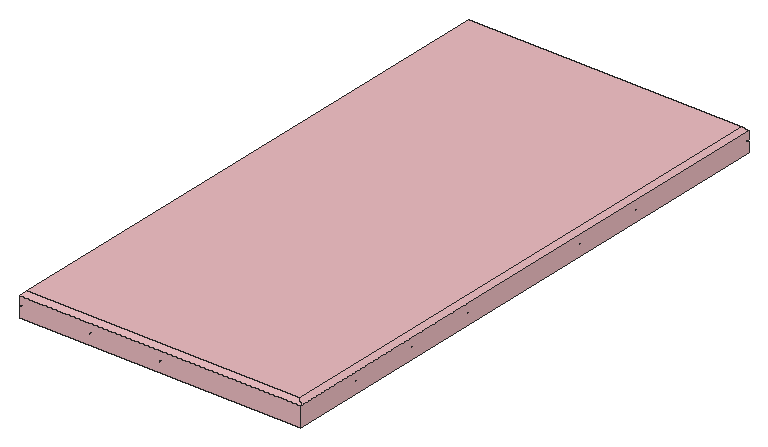
Revit family "UPHILL 2ft x 4ft", category Specialty Equipment, Revit 2023
Family settings
  Round Connector Dimension = Use Diameter
  Part Type = Normal
  OmniClass Number = 23.35.00.00
  OmniClass Title = Covering, Cladding, and Finishes
  Work Plane-Based = Yes
  Enable Cutting in Views = Yes
  Always vertical = No
  Cut with Voids When Loaded = No
  Maintain Annotation Orientation = No
  Shared = No
  Room Calculation Point = No
Parameters (values of type "2 INCH THICK - CUSTOM PAINTED - STANDARD")
  URL = "https://www.acousticalsurfaces.com/envirocoustic-wood-wool/designs/"
  Type Comments = "Acoustic panels for vertical and horizontal surfaces"
  Thickness = 0' - 2"
  Recycled Content Percentage = "0%"
  Model = "Envirocoustic Wood Wool"
  Material = "Envirocoustic Wood Wool"
  Manufacturer = "Acoustical Surfaces, Inc."
  Fire Rating = "ASTM E84 - Class A"
  Finish = Paint - Acoustical-Surfaces - Custom Painted
  Description = "Acoustic Panels"
  Default Elevation = 0' - 0"
  Backer Thickness = 0' - 1"
  Backer = no
  Assembly Code = "C30"
  Acoustics - NRC = "Sound absorption varies from NRC 0.45 to 0.95 based on installation method used when tested per ASTM C423."
Types (27): name | Thickness | Finish | Backer Thickness | Backer
  2 INCH THICK - CUSTOM PAINTED - STANDARD | 0' - 2" | Paint - Acoustical-Surfaces - Custom Painted | 0' - 1" | no
  2 INCH THICK - PRIMED WHITE - STANDARD | 0' - 2" | Paint - Acoustical-Surfaces - Primed White | 0' - 1" | no
  2 INCH THICK - PRIMED CLEAR - STANDARD | 0' - 2" | Paint - Acoustical-Surfaces - Primed Clear | 0' - 1" | no
  2 INCH THICK - PRIMED WHITE - 2 INCH CFAB BACKER | 0' - 2" | Paint - Acoustical-Surfaces - Primed White | 0' - 2" | yes
  2 INCH THICK - PRIMED WHITE - 1 INCH CFAB BACKER | 0' - 2" | Paint - Acoustical-Surfaces - Primed White | 0' - 1" | yes
  2 INCH THICK - PRIMED CLEAR - 2 INCH CFAB BACKER | 0' - 2" | Paint - Acoustical-Surfaces - Primed Clear | 0' - 2" | yes
  2 INCH THICK - PRIMED CLEAR - 1 INCH CFAB BACKER | 0' - 2" | Paint - Acoustical-Surfaces - Primed Clear | 0' - 1" | yes
  2 INCH THICK - CUSTOM PAINTED - 2 INCH CFAB BACKER | 0' - 2" | Paint - Acoustical-Surfaces - Custom Painted | 0' - 2" | yes
  2 INCH THICK - CUSTOM PAINTED - 1 INCH CFAB BACKER | 0' - 2" | Paint - Acoustical-Surfaces - Custom Painted | 0' - 1" | yes
  1-3/8 INCH THICK - CUSTOM PAINTED - STANDARD | 0' - 1 3/8" | Paint - Acoustical-Surfaces - Custom Painted | 0' - 1" | no
  1-3/8 INCH THICK - PRIMED WHITE - STANDARD | 0' - 1 3/8" | Paint - Acoustical-Surfaces - Primed White | 0' - 1" | no
  1-3/8 INCH THICK - PRIMED CLEAR - STANDARD | 0' - 1 3/8" | Paint - Acoustical-Surfaces - Primed Clear | 0' - 1" | no
  1-3/8 INCH THICK - PRIMED WHITE - 2 INCH CFAB BACKER | 0' - 1 3/8" | Paint - Acoustical-Surfaces - Primed White | 0' - 2" | yes
  1-3/8 INCH THICK - PRIMED WHITE - 1 INCH CFAB BACKER | 0' - 1 3/8" | Paint - Acoustical-Surfaces - Primed White | 0' - 1" | yes
  1-3/8 INCH THICK - PRIMED CLEAR - 2 INCH CFAB BACKER | 0' - 1 3/8" | Paint - Acoustical-Surfaces - Primed Clear | 0' - 2" | yes
  1-3/8 INCH THICK - PRIMED CLEAR - 1 INCH CFAB BACKER | 0' - 1 3/8" | Paint - Acoustical-Surfaces - Primed Clear | 0' - 1" | yes
  1-3/8 INCH THICK - CUSTOM PAINTED - 2 INCH CFAB BACKER | 0' - 1 3/8" | Paint - Acoustical-Surfaces - Custom Painted | 0' - 2" | yes
  1-3/8 INCH THICK - CUSTOM PAINTED - 1 INCH CFAB BACKER | 0' - 1 3/8" | Paint - Acoustical-Surfaces - Custom Painted | 0' - 1" | yes
  1 INCH THICK - CUSTOM PAINTED - STANDARD | 0' - 1" | Paint - Acoustical-Surfaces - Custom Painted | 0' - 1" | no
  1 INCH THICK - PRIMED WHITE - STANDARD | 0' - 1" | Paint - Acoustical-Surfaces - Primed White | 0' - 1" | no
  1 INCH THICK - PRIMED CLEAR - STANDARD | 0' - 1" | Paint - Acoustical-Surfaces - Primed Clear | 0' - 1" | no
  1 INCH THICK - PRIMED WHITE - 2 INCH CFAB BACKER | 0' - 1" | Paint - Acoustical-Surfaces - Primed White | 0' - 2" | yes
  1 INCH THICK - PRIMED WHITE - 1 INCH CFAB BACKER | 0' - 1" | Paint - Acoustical-Surfaces - Primed White | 0' - 1" | yes
  1 INCH THICK - PRIMED CLEAR - 2 INCH CFAB BACKER | 0' - 1" | Paint - Acoustical-Surfaces - Primed Clear | 0' - 2" | yes
  1 INCH THICK - PRIMED CLEAR - 1 INCH CFAB BACKER | 0' - 1" | Paint - Acoustical-Surfaces - Primed Clear | 0' - 1" | yes
  1 INCH THICK - CUSTOM PAINTED - 2 INCH CFAB BACKER | 0' - 1" | Paint - Acoustical-Surfaces - Custom Painted | 0' - 2" | yes
  1 INCH THICK - CUSTOM PAINTED - 1 INCH CFAB BACKER | 0' - 1" | Paint - Acoustical-Surfaces - Custom Painted | 0' - 1" | yes
Reference planes (in)
  plane 1 "Center (Front/Back)": y = 0
  plane 2: z = 0
  plane 3 "Center (Left/Right)": x = 0
  plane 4: x = -12
  plane 5: x = 12
  plane 6: y = 24
  plane 7: y = -24
  plane 8: z = 2
  plane 9: z = -1
Forms (in)
  Extrusion 1, solid, material "Paint - Acoustical-Surfaces - Custom Painted" <- "Finish"
    sketch origin (0, 0, 0) x (1, 0, 0) y (0, 1, 0)
      loop
        line (12, 24) -> (-12, 24) -> (-12, -24) -> (12, -24) -> (12, 24)
    from 0 to 2
  Sweep 2, void
    path in 3D
      loop
        line (12, 24, 2) -> (-12, 24, 2) -> (-12, -24, 2) -> (12, -24, 2) -> (12, 24, 2)
    profile "Triangle : Family2" origin (12, 0, 2) x (-1, 0, 0) y (0, 0, 1)
      loop
        line (0, 0) -> (0, -0.315) -> (0.315, 0) -> (0, 0)
  Extrusion 3, solid, visible <- "Backer"
    sketch origin (0, 0, 0) x (1, 0, 0) y (0, 1, 0)
      loop
        line (12, 24) -> (-12, 24) -> (-12, -24) -> (12, -24) -> (12, 24)
    from 0 to -1
  Sweep 4, void
    path origin (0, 0, 1) x (-1, 0, 0) y (0, -1, 0)
      loop
        line (6.00002, -24) -> (12.00002, -18)
    profile "Groove : Family2" origin (-9.00002, 21, 1) x (0.707107, -0.707107, 0) y (0, 0, 1)
      loop
        line (0.1575, 0) -> (-0.1575, 0) -> (0, -0.1575) -> (0.1575, 0)
  Sweep 5, void
    path origin (0, 0, 1) x (-1, 0, 0) y (0, -1, 0)
      loop
        line (0, -24) -> (12, -12)
    profile "Groove : Family2" origin (-6, 18, 1) x (0.707107, -0.707107, 0) y (0, 0, 1)
      loop
        line (0.1575, 0) -> (-0.1575, 0) -> (0, -0.1575) -> (0.1575, 0)
  Sweep 6, void
    path origin (0, 0, 1) x (-1, 0, 0) y (0, -1, 0)
      loop
        line (-6.00002, -24) -> (12, -6)
    profile "Groove : Family2" origin (-2.99999, 15, 1) x (0.707106, -0.707107, 0) y (0, 0, 1)
      loop
        line (0.1575, 0) -> (-0.1575, 0) -> (0, -0.1575) -> (0.1575, 0)
  Sweep 7, void
    path origin (0, 0, 1) x (-1, 0, 0) y (0, -1, 0)
      loop
        line (-12, -24) -> (12, 0)
    profile "Groove : Family2" origin (0, 12, 1) x (0.707107, -0.707107, 0) y (0, 0, 1)
      loop
        line (0.1575, 0) -> (-0.1575, 0) -> (0, -0.1575) -> (0.1575, 0)
  Sweep 8, void
    path origin (0, 0, 1) x (-1, 0, 0) y (0, -1, 0)
      loop
        line (-12, -18) -> (12, 6)
    profile "Groove : Family2" origin (0, 6, 1) x (0.707107, -0.707107, 0) y (0, 0, 1)
      loop
        line (0.1575, 0) -> (-0.1575, 0) -> (0, -0.1575) -> (0.1575, 0)
  Sweep 9, void
    path origin (0, 0, 1) x (-1, 0, 0) y (0, -1, 0)
      loop
        line (-12, -12) -> (12, 12)
    profile "Groove : Family2" origin (0, 0, 1) x (0.707107, -0.707107, 0) y (0, 0, 1)
      loop
        line (0.1575, 0) -> (-0.1575, 0) -> (0, -0.1575) -> (0.1575, 0)
  Sweep 10, void
    path origin (0, 0, 1) x (-1, 0, 0) y (0, -1, 0)
      loop
        line (-12, -6) -> (12, 18)
    profile "Groove : Family2" origin (0, -6, 1) x (0.707107, -0.707107, 0) y (0, 0, 1)
      loop
        line (0.1575, 0) -> (-0.1575, 0) -> (0, -0.1575) -> (0.1575, 0)
  Sweep 11, void
    path origin (0, 0, 1) x (-1, 0, 0) y (0, -1, 0)
      loop
        line (-12, 0) -> (12, 24)
    profile "Groove : Family2" origin (0, -12, 1) x (0.707107, -0.707107, 0) y (0, 0, 1)
      loop
        line (0.1575, 0) -> (-0.1575, 0) -> (0, -0.1575) -> (0.1575, 0)
  Sweep 12, void
    path origin (0, 0, 1) x (-1, 0, 0) y (0, -1, 0)
      loop
        line (-12, 6) -> (6.00002, 24.00002)
    profile "Groove : Family2" origin (2.99999, -15.00001, 1) x (0.707107, -0.707107, 0) y (0, 0, 1)
      loop
        line (0.1575, 0) -> (-0.1575, 0) -> (0, -0.1575) -> (0.1575, 0)
  Sweep 13, void
    path origin (0, 0, 1) x (-1, 0, 0) y (0, -1, 0)
      loop
        line (-12, 12) -> (0, 24)
    profile "Groove : Family2" origin (6, -18, 1) x (0.707107, -0.707107, 0) y (0, 0, 1)
      loop
        line (0.1575, 0) -> (-0.1575, 0) -> (0, -0.1575) -> (0.1575, 0)
  Sweep 14, void
    path origin (0, 0, 1) x (-1, 0, 0) y (0, -1, 0)
      loop
        line (-12, 18) -> (-6.00002, 24)
    profile "Groove : Family2" origin (9.00001, -21, 1) x (0.707108, -0.707106, 0) y (0, 0, 1)
      loop
        line (0.1575, 0) -> (-0.1575, 0) -> (0, -0.1575) -> (0.1575, 0)
Cuts and joins
  Sweep 2, Sweep 4, Sweep 5, Sweep 6, Sweep 7, Sweep 8, Sweep 9, Sweep 10, Sweep 11, Sweep 12, Sweep 13, Sweep 14 cuts Extrusion 1
Lines and regions (in)
  sketch lines
    curve 1: line (12, -24, 2) -> (12, 24, 2)
    curve 2: line (-12, -24, 2) -> (12, -24, 2)
    curve 3: line (-12, 24, 2) -> (-12, -24, 2)
    curve 4: line (12, 24, 2) -> (-12, 24, 2)
Dimensions and locks (in)
  equal spacing: plane 4, plane 3 "Center (Left/Right)", plane 5
  equal spacing: plane 7, plane 1 "Center (Front/Back)", plane 6
  plane 7 to plane 6 = 4' - 0"
  locked: plane 4 to plane 5 at 24
  "Thickness": plane 8 to level
  "Backer Thickness": level to plane 9
  aligned and locked: level to plane 2
  aligned and locked: Extrusion 1 sketch curve to plane 4
  aligned and locked: plane 5 to Extrusion 1 sketch curve
  aligned and locked: Extrusion 1 sketch curve to plane 6
  aligned and locked: Extrusion 1 sketch curve to plane 7
  aligned and locked: Extrusion 1 to plane 8
  aligned and locked: Extrusion 3 sketch curve to plane 4
  aligned and locked: plane 5 to Extrusion 3 sketch curve
  aligned and locked: Extrusion 3 sketch curve to plane 6
  aligned and locked: Extrusion 3 sketch curve to plane 7
  aligned and locked: plane 9 to Extrusion 3
Automatic sketch dimensions
  plane 6 to Sweep 4 sketch curve = 0' - 0"
  plane 4 to Sweep 4 sketch curve = 0' - 5.99998"
  Sweep 4 sketch curve to plane 4 = 0' - 0"
  plane 6 to Sweep 4 sketch curve = 0' - 6"
  plane 6 to Sweep 5 sketch curve = 0' - 0"
  Sweep 5 sketch curve to plane 4 = 0' - 0"
  Sweep 5 sketch curve to plane 3 "Center (Left/Right)" = 0' - 0"
  plane 6 to Sweep 5 sketch curve = 1' - 0"
  plane 6 to Sweep 6 sketch curve = 0' - 0"
  Sweep 6 sketch curve to plane 4 = 0' - 0"
  Sweep 6 sketch curve to plane 5 = 0' - 6"
  Sweep 6 sketch curve to plane 1 "Center (Front/Back)" = 0' - 6"
  Sweep 7 sketch curve to plane 5 = 0' - 0"
  plane 6 to Sweep 7 sketch curve = 0' - 0"
  plane 4 to Sweep 7 sketch curve = 0' - 0"
  Sweep 7 sketch curve to plane 1 "Center (Front/Back)" = 0' - 0"
  Sweep 8 sketch curve to plane 5 = 0' - 0"
  Sweep 8 sketch curve to plane 4 = 0' - 0"
  plane 6 to Sweep 8 sketch curve = 0' - 6"
  plane 1 "Center (Front/Back)" to Sweep 8 sketch curve = 0' - 6"
  Sweep 9 sketch curve to plane 5 = 0' - 0"
  Sweep 9 sketch curve to plane 4 = 0' - 0"
  plane 6 to Sweep 9 sketch curve = 1' - 0"
  plane 1 "Center (Front/Back)" to Sweep 9 sketch curve = 1' - 0"
  Sweep 10 sketch curve to plane 5 = 0' - 0"
  Sweep 10 sketch curve to plane 4 = 0' - 0"
  Sweep 10 sketch curve to plane 1 "Center (Front/Back)" = 0' - 6"
  plane 7 to Sweep 10 sketch curve = 0' - 6"
  plane 1 "Center (Front/Back)" to Sweep 11 sketch curve = 0' - 0"
  Sweep 11 sketch curve to plane 5 = 0' - 0"
  Sweep 11 sketch curve to plane 4 = 0' - 0"
  Sweep 11 sketch curve to plane 7 = 0' - 0"
  Sweep 12 sketch curve to plane 5 = 0' - 0"
  plane 1 "Center (Front/Back)" to Sweep 12 sketch curve = 0' - 6"
  Sweep 12 sketch curve to plane 7 = 0' - 0.00002"
  plane 4 to Sweep 12 sketch curve = 0' - 5.99998"
  Sweep 13 sketch curve to plane 5 = 0' - 0"
  Sweep 13 sketch curve to plane 3 "Center (Left/Right)" = 0' - 0"
  Sweep 13 sketch curve to plane 7 = 0' - 0"
  plane 1 "Center (Front/Back)" to Sweep 13 sketch curve = 1' - 0"
  Sweep 14 sketch curve to plane 5 = 0' - 0"
  Sweep 14 sketch curve to plane 7 = 0' - 0"
  Sweep 14 sketch curve to plane 5 = 0' - 6"
  plane 7 to Sweep 14 sketch curve = 0' - 6"
